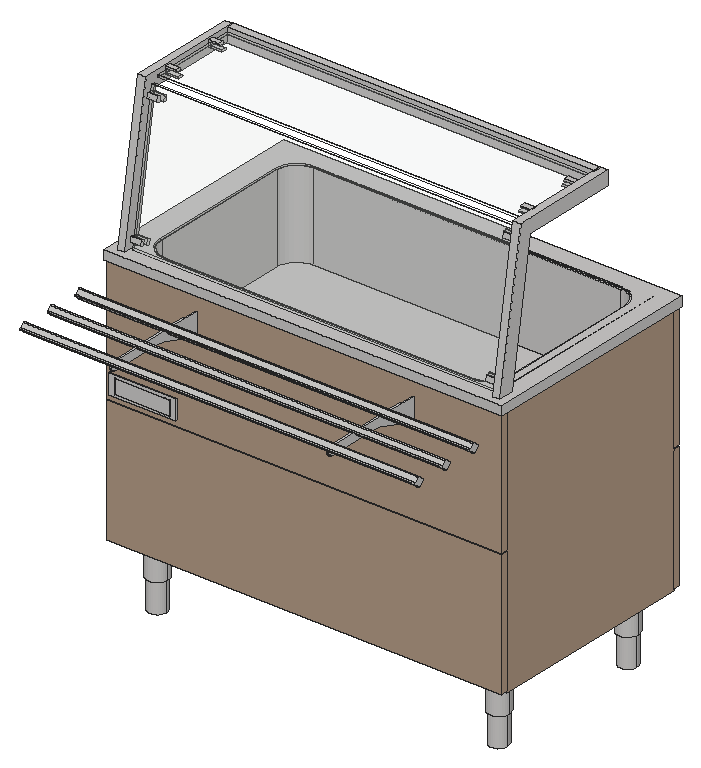
Revit family "QF_ELECTROLUXPROFESSIONAL_322091_F10C3AF01W", category Specialty Equipment, Revit 2018
Family settings
  Round Connector Dimension = Use Diameter
  Part Type = Normal
  Work Plane-Based = No
  Always vertical = Yes
  Cut with Voids When Loaded = No
  Shared = No
  Room Calculation Point = No
Parameters (values of type "Standard")
  Weight = 131.00 kg
  Watts = 0 W
  Volts = 220 V
  URL Manufacturer = "http://professional.electrolux.com"
  URL = "http://professional.electrolux.com"
  Steam Supply Size = 0 mm
  Steam Supply Minimum Pressure = 0.0 Pa
  Steam Supply Maximum Pressure = 0.0 Pa
  Steam Pounds per Hour = 0
  Show Clearance [instance] = yes
  Refrigeration Suction Line Size = 0 mm
  Refrigeration Liquid Line Size = 0 mm
  Refrigerant Compressor Remote = yes
  Manufacturer = "Electrolux Professional"
  Phase = 1
  Model = "F10C3AF01W"
  Length Actual = 1100 mm  # constant formula
  Item Number = "322091"
  Hot Water Size = 0 mm
  Height Actual = 1304 mm  # constant formula
  HP = "0 HP"
  Gas Size = 0 mm
  Gas KW = 0
  Gas Input Pressure = 0 W
  Direct Waste Size = 19.05 mm
  Description = "REFRIGERATED WELL, STATIC, 3GN H=900MM OVERSHELF W/LED LIGHTS"
  Depth Actual = 915 mm  # constant formula
  Cycle = 50 Hz
  Condensate Return Size = 0 mm
  Compressed Air Volume = 0.0 L/s
  Compressed Air Size = 0 mm
  Compressed Air Pressure = 0.0 Pa
  Cold Water Size = 0 mm
  Accessory = yes
Types (2, lengths in mm): name | URL | Manufacturer | Phase | Model | Description
  (no name) | 0 | 0 | 0 | 0 | 0
  Standard | "http://professional.electrolux.com" | "Electrolux Professional" | 1 | "F10C3AF01W" | "REFRIGERATED WELL, STATIC, 3GN H=900MM OVERSHELF W/LED LIGHTS"
Values of the unnamed type that differ from the named types
  Volts = 0 V
  URL Manufacturer = ""
  Item Number = ""
  Cycle = 0 Hz
Reference planes
  plane 1 "Centro (Fronte/Retro)": y = 74.737
  plane 2: z = 0
  plane 3 "BACK": y = 384.737
  plane 4 "FRONT": y = -235.263
  plane 5: z = 900
  plane 6 "RIGHT": x = 35.731
  plane 7 "LEFT": x = -1064.269
  plane 8: x = -514.269
  plane 9: y = 664.737
  plane 10: y = -530.02
  plane 11: z = 178
  plane 12: z = 1304
  plane 13: z = 1222
  plane 14: y = 297.737
  plane 15: y = -148.263
  plane 16: x = -986.269
  plane 17: x = -42.269
  plane 18: x = -1060.269
  plane 19: y = -231.263
  plane 20: x = 31.731
  plane 21: y = 380.737
  plane 22: z = 874
  plane 23: y = 362.737
  plane 24: y = -213.263
  plane 25: z = 182
  plane 26: z = 527
  plane 27: z = 531
  plane 28: x = -212.269
  plane 29: x = -816.269
  plane 30: x = -1042.394
  plane 31: x = 13.856
  plane 32: x = -6.144
  plane 33: x = -1022.394
  plane 34: x = -1014.269
  plane 35: x = -14.269
  plane 36: y = 130.237
  plane 37: y = 19.237
  plane 38: y = 33.237
  plane 39: y = 116.237
  plane 40: x = -952.269
  plane 41: x = -69.269
Forms (mm)
  Extrusion 1, solid, material "QF_Finishes_Wood"
    sketch origin (0, 0, 0) x (1, 0, 0) y (0, 1, 0)
      loop
        line (-1060.269, 362.737) -> (-1060.269, -213.263) -> (31.731, -213.263) -> (31.731, 362.737) -> (-1060.269, 362.737)
    from 178 to 874
  Extrusion 2, solid, material "QF_Finishes_Wood"
    sketch origin (31.731, 362.737, 0) x (0, -1, 0) y (0, 0, -1)
      loop
        line (576, -182) -> (576, -527) -> (594, -527) -> (594, -182) -> (576, -182)
      loop
        line (576, -531) -> (576, -874) -> (594, -874) -> (594, -531) -> (576, -531)
    from 0 to -1092
  Extrusion 3, solid, material "QF_Finishes_Wood"
    sketch origin (31.731, -213.263, 0) x (0, 1, 0) y (0, 0, 1)
      loop
        line (576, 531) -> (594, 531) -> (594, 874) -> (576, 874) -> (576, 531)
    from 0 to -1092
  Extrusion 4, solid, material "QF_Finishes_Stainless Steel"
    sketch origin (0, 0, 0) x (1, 0, 0) y (0, 1, 0)
      loop
        line (-1064.269, 384.737) -> (-1064.269, -235.263) -> (35.731, -235.263) -> (35.731, 384.737) -> (-1064.269, 384.737)
    from 874 to 900
  Extrusion 5, solid, material "QF_Finishes_Stainless Steel"
    sketch origin (-217.269, 362.737, 0) x (0, -1, 0) y (0, 0, -1)
      loop
        arc (628.84, -832.7) -> (632.082, -833.911) -> (635.519, -834.32) r 14.5
        line (635.519, -834.32) -> (675.715, -834.32) -> (689.858, -820.177) -> (704, -834.32) -> (770.715, -834.32) -> (784.858, -820.177) -> (799, -834.32) -> (865.716, -834.32) -> (879.858, -820.177) -> (887.686, -828.005) -> (887.686, -821.352)
        arc (887.686, -821.352) -> (887.303, -819.435) -> (886.214, -817.81) r 4.999
        line (886.214, -817.81) -> (881.179, -812.776)
        arc (881.179, -812.776) -> (879.559, -811.698) -> (877.651, -811.32) r 5
        line (877.651, -811.32) -> (732.206, -811.32)
        arc (732.206, -811.32) -> (708.662, -809.221) -> (685.86, -802.991) r 133.106
        line (685.86, -802.991) -> (638.285, -785.32) -> (597.679, -770.12) -> (594, -770.12) -> (594, -832.7) -> (628.84, -832.7)
    from 0 to 5
  Extrusion 6, void
    sketch origin (0, 0, 0) x (1, 0, 0) y (0, 1, 0)
      loop
        line (-999.269, 273.737) -> (-999.269, -124.263)
        arc (-999.269, -124.263) -> (-981.402, -167.396) -> (-938.269, -185.263) r 61
        line (-938.269, -185.263) -> (-90.269, -185.263)
        arc (-90.269, -185.263) -> (-47.135, -167.396) -> (-29.269, -124.263) r 61
        line (-29.269, -124.263) -> (-29.269, 273.737)
        arc (-29.269, 273.737) -> (-47.135, 316.871) -> (-90.269, 334.737) r 61
        line (-90.269, 334.737) -> (-938.269, 334.737)
        arc (-938.269, 334.737) -> (-981.402, 316.871) -> (-999.269, 273.737) r 61
    from 580.121 to 900
  Extrusion 7, solid, material "QF_Finishes_Wood"
    sketch origin (419.731, -213.263, -348) x (0, 1, 0) y (0, 0, 1)
      loop
        line (576, 530) -> (594, 530) -> (594, 875) -> (576, 875) -> (576, 530)
    from -388 to -658.044
  Extrusion 8, solid, material "QF_Finishes_Wood"
    sketch origin (-234.269, -213.263, -348) x (0, 1, 0) y (0, 0, 1)
      loop
        line (576, 530) -> (594, 530) -> (594, 875) -> (576, 875) -> (576, 530)
    from -548.963 to -826
  Extrusion 9, solid, material "QF_Door-Drawer Clearances", visible <- "Show Clearance"
    sketch origin (0, -4, 0) x (1, 0, 0) y (0, 1, 0)
      loop
        line (-783.232, 384.737) -> (-238.312, 384.737) -> (-710.987, 657.636)
        arc (-710.987, 657.636) -> (-765.12, 525.955) -> (-783.232, 384.737) r 544.001
    from 182 to 527
  Extrusion 10, solid, material "QF_Finishes_Stainless Steel"
    sketch origin (-816.269, 362.737, 0) x (0, -1, 0) y (0, 0, -1)
      loop
        arc (628.84, -832.7) -> (632.082, -833.911) -> (635.519, -834.32) r 14.5
        line (635.519, -834.32) -> (675.715, -834.32) -> (689.858, -820.177) -> (704, -834.32) -> (770.715, -834.32) -> (784.858, -820.177) -> (799, -834.32) -> (865.716, -834.32) -> (879.858, -820.177) -> (887.686, -828.005) -> (887.686, -821.352)
        arc (887.686, -821.352) -> (887.303, -819.435) -> (886.214, -817.81) r 4.999
        line (886.214, -817.81) -> (881.179, -812.776)
        arc (881.179, -812.776) -> (879.559, -811.698) -> (877.651, -811.32) r 5
        line (877.651, -811.32) -> (732.206, -811.32)
        arc (732.206, -811.32) -> (708.662, -809.221) -> (685.86, -802.991) r 133.106
        line (685.86, -802.991) -> (638.285, -785.32) -> (597.679, -770.12) -> (594, -770.12) -> (594, -832.7) -> (628.84, -832.7)
    from 0 to 5
  Extrusion 11, solid, material "QF_Finishes_Stainless Steel"
    sketch origin (31.731, 362.737, 0) x (0, -1, 0) y (0, 0, -1)
      loop
        line (881.983, -846.337) -> (891.875, -836.445)
        arc (891.875, -836.445) -> (892.757, -834.322) -> (891.879, -832.198) r 3
        line (891.879, -832.198) -> (881.979, -822.299)
        arc (881.979, -822.299) -> (879.858, -821.42) -> (877.737, -822.299) r 3
        line (877.737, -822.299) -> (867.837, -832.198)
        arc (867.837, -832.198) -> (866.958, -834.32) -> (867.837, -836.441) r 3
        line (867.837, -836.441) -> (877.737, -846.34)
        arc (877.737, -846.34) -> (879.86, -847.219) -> (881.983, -846.337) r 3
      loop
        line (786.979, -846.34) -> (796.879, -836.441)
        arc (796.879, -836.441) -> (797.757, -834.32) -> (796.879, -832.198) r 3
        line (796.879, -832.198) -> (786.979, -822.299)
        arc (786.979, -822.299) -> (784.858, -821.42) -> (782.737, -822.299) r 3
        line (782.737, -822.299) -> (772.837, -832.198)
        arc (772.837, -832.198) -> (771.958, -834.317) -> (772.833, -836.437) r 3
        line (772.833, -836.437) -> (782.741, -846.345)
        arc (782.741, -846.345) -> (784.861, -847.219) -> (786.979, -846.34) r 3
      loop
        line (691.976, -846.343) -> (701.882, -836.438)
        arc (701.882, -836.438) -> (702.757, -834.318) -> (701.879, -832.198) r 3
        line (701.879, -832.198) -> (691.979, -822.299)
        arc (691.979, -822.299) -> (689.858, -821.42) -> (687.737, -822.299) r 3
        line (687.737, -822.299) -> (677.837, -832.198)
        arc (677.837, -832.198) -> (676.958, -834.32) -> (677.837, -836.441) r 3
        line (677.837, -836.441) -> (687.737, -846.34)
        arc (687.737, -846.34) -> (689.856, -847.219) -> (691.976, -846.343) r 3
    from 0 to -1092
  Extrusion 12, solid, material "QF_Finishes_Stainless Steel"
    sketch origin (31.731, 362.737, 0) x (0, -1, 0) y (0, 0, -1)
      loop
        line (206.477, -1264.379) -> (206.477, -1304) -> (507.108, -1304) -> (578.344, -900) -> (537.727, -900) -> (473.477, -1264.379) -> (206.477, -1264.379)
    from -17.875 to -37.875
  Extrusion 13, solid, material "QF_Finishes_Stainless Steel"
    sketch origin (-895.269, 362.737, 0) x (0, -1, 0) y (0, 0, 1)
      loop
        line (206.477, 1264.379) -> (473.477, 1264.379) -> (537.727, 900) -> (578.344, 900) -> (507.108, 1304) -> (206.477, 1304) -> (206.477, 1264.379)
    from 147.125 to 127.125
  Extrusion 14, solid, material "QF_Finishes_Glass"
    sketch origin (-133.269, -231.263, 531) x (0, 0, 1) y (-1, 0, 0)
      loop
        line (757.879, -119) -> (765.879, -119) -> (765.879, 881) -> (757.879, 881) -> (757.879, -119)
    from -361.5 to -120.204
  Extrusion 15, solid, material "QF_Finishes_Stainless Steel"
    sketch origin (0, 0, 0) x (1, 0, 0) y (0, 1, 0)
      loop
        line (-1022.394, 156.26) -> (-1022.394, 136.26) -> (-6.144, 136.26) -> (-6.144, 156.26) -> (-1022.394, 156.26)
    from 1264.379 to 1304
  Extrusion 16, solid, material "QF_Finishes_Glass"
    sketch origin (-133.269, 362.737, 0) x (0, -1, 0) y (0, 0, -1)
      loop
        line (494.569, -1282.974) -> (562.097, -900) -> (553.974, -900) -> (486.445, -1282.974) -> (494.569, -1282.974)
    from 119 to -881
  Extrusion 17, solid, material "QF_Finishes_Wood"
    sketch origin (314.688, -213.263, -348) x (0, 1, 0) y (0, 0, 1)
      loop
        line (576, 530) -> (594, 530) -> (594, 875) -> (576, 875) -> (576, 530)
    from -553 to -1097.92
  Extrusion 18, solid, material "QF_Finishes_Stainless Steel"
    sketch origin (-283.269, -64.263, 531) x (0, 0, 1) y (-1, 0, 0)
      loop
        line (765.879, 706.5) -> (770.879, 708.5) -> (770.879, 739.125) -> (750.879, 739.125) -> (750.879, 731) -> (751.974, 731) -> (751.974, 700.938) -> (755.879, 702.5) -> (755.879, 732) -> (765.879, 732) -> (765.879, 706.5)
    from 0 to 14
  Extrusion 19, solid, material "QF_Finishes_Stainless Steel"
    sketch origin (-283.269, 85.737, 531) x (0, 0, 1) y (-1, 0, 0)
      loop
        line (765.879, 706.5) -> (770.879, 708.5) -> (770.879, 739.125) -> (750.879, 739.125) -> (750.879, 731) -> (751.974, 731) -> (751.974, 700.938) -> (755.879, 702.5) -> (755.879, 732) -> (765.879, 732) -> (765.879, 706.5)
    from 0 to 14
  Extrusion 20, solid, material "QF_Finishes_Stainless Steel"
    sketch origin (-745.269, -64.263, 531) x (0, 0, 1) y (-1, 0, 0)
      loop
        line (765.879, -706.5) -> (765.879, -732) -> (755.879, -732) -> (755.879, -702.5) -> (751.974, -700.938) -> (751.974, -731) -> (750.879, -731) -> (750.879, -739.125) -> (770.879, -739.125) -> (770.879, -708.5) -> (765.879, -706.5)
    from 0 to 14
  Extrusion 21, solid, material "QF_Finishes_Stainless Steel"
    sketch origin (-745.269, 85.737, 531) x (0, 0, 1) y (-1, 0, 0)
      loop
        line (765.879, -706.5) -> (765.879, -732) -> (755.879, -732) -> (755.879, -702.5) -> (751.974, -700.938) -> (751.974, -731) -> (750.879, -731) -> (750.879, -739.125) -> (770.879, -739.125) -> (770.879, -708.5) -> (765.879, -706.5)
    from 0 to 14
  Extrusion 22, solid, material "QF_Finishes_Stainless Steel"
    sketch origin (-745.269, 619.458, 1129.907) x (0, -0.984808, 0.173648) y (-1, 0, 0)
      loop
        line (765.879, -706.5) -> (765.879, -732) -> (755.879, -732) -> (755.879, -702.5) -> (751.974, -700.938) -> (751.974, -731) -> (750.879, -731) -> (750.879, -739.125) -> (770.879, -739.125) -> (770.879, -708.5) -> (765.879, -706.5)
    from 0 to 14
  Extrusion 23, solid, material "QF_Finishes_Stainless Steel"
    sketch origin (-283.269, 619.458, 1129.907) x (0, -0.984808, 0.173648) y (-1, 0, 0)
      loop
        line (765.879, 706.5) -> (770.879, 708.5) -> (770.879, 739.125) -> (750.879, 739.125) -> (750.879, 731) -> (751.974, 731) -> (751.974, 700.938) -> (755.879, 702.5) -> (755.879, 732) -> (765.879, 732) -> (765.879, 706.5)
    from 0 to 14
  Extrusion 24, solid, material "QF_Finishes_Stainless Steel"
    sketch origin (-745.269, 562.154, 799.389) x (0, -0.984808, 0.173648) y (-1, 0, 0)
      loop
        line (765.879, -706.5) -> (765.879, -732) -> (755.879, -732) -> (755.879, -702.5) -> (751.974, -700.938) -> (751.974, -731) -> (750.879, -731) -> (750.879, -739.125) -> (770.879, -739.125) -> (770.879, -708.5) -> (765.879, -706.5)
    from 0 to 14
  Extrusion 25, solid, material "QF_Finishes_Stainless Steel"
    sketch origin (-283.269, 562.154, 799.389) x (0, -0.984808, 0.173648) y (-1, 0, 0)
      loop
        line (765.879, 706.5) -> (770.879, 708.5) -> (770.879, 739.125) -> (750.879, 739.125) -> (750.879, 731) -> (751.974, 731) -> (751.974, 700.938) -> (755.879, 702.5) -> (755.879, 732) -> (765.879, 732) -> (765.879, 706.5)
    from 0 to 14
  Extrusion 26, solid, material "QF_Finishes_Stainless Steel"
    sketch origin (-1193.537, 0, 0) x (-1, 0, 0) y (0, -1, 0)
      loop
        circle (-196.269, -124.737) r 10
    from 178 to 166
  Extrusion 27, solid, material "QF_Finishes_Stainless Steel"
    sketch origin (-1193.537, 149.474, 0) x (-1, 0, 0) y (0, -1, 0)
      loop
        circle (-196.269, 124.737) r 10
    from 178 to 166
Cuts and joins
  Extrusion 6 cuts Extrusion 1
  Extrusion 6 cuts Extrusion 4
Lines and regions (mm)
  symbolic lines
    curve 1: line (35.731, 384.737, 0) -> (35.731, -235.263, 0)
    curve 2: line (-1064.269, -235.263, 0) -> (-1064.269, 384.737, 0)
    curve 3: line (-1064.269, 384.737, 0) -> (35.731, 384.737, 0)
    curve 4: line (-1064.269, -235.263, 0) -> (35.731, -235.263, 0)
    curve 5: line (-14.269, -64.263, 0) -> (-14.269, 71.737, 0)
    curve 6: line (-1014.269, 71.737, 0) -> (-1014.269, -64.263, 0)
    curve 7: line (-1042.394, 156.26, 0) -> (13.856, 156.26, 0)
    curve 8: line (13.856, 156.26, 0) -> (13.856, -215.607, 0)
    curve 9: line (13.856, -215.607, 0) -> (-6.144, -215.607, 0)
    curve 10: line (-6.144, -215.607, 0) -> (-6.144, 156.26, 0)
    curve 11: line (-6.144, 136.26, 0) -> (-1022.394, 136.26, 0)
    curve 12: line (-1022.394, 156.26, 0) -> (-1022.394, -215.607, 0)
    curve 13: line (-1022.394, -215.607, 0) -> (-1042.394, -215.607, 0)
    curve 14: line (-1042.394, -215.607, 0) -> (-1042.394, 156.26, 0)
    curve 15: line (-1042.394, -144.371, 0) -> (-1022.394, -144.371, 0)
    curve 16: line (-6.144, -144.371, 0) -> (13.856, -144.371, 0)
    curve 17: line (-1014.269, 130.237, 0) -> (-1014.269, 85.737, 0)
    curve 18: line (-1014.269, 130.237, 0) -> (-14.269, 130.237, 0)
    curve 19: line (-14.269, 130.237, 0) -> (-14.269, 85.737, 0)
    curve 20: line (-14.269, -78.263, 0) -> (-14.269, -111.059, 0)
    curve 21: line (-6.144, 85.737, 0) -> (-44.331, 85.737, 0)
    curve 22: line (-44.331, 85.737, 0) -> (-44.331, 71.737, 0)
    curve 23: line (-44.331, 71.737, 0) -> (-6.144, 71.737, 0)
    curve 24: line (-6.144, -64.263, 0) -> (-44.331, -64.263, 0)
    curve 25: line (-44.331, -64.263, 0) -> (-44.331, -78.263, 0)
    curve 26: line (-44.331, -78.263, 0) -> (-6.144, -78.263, 0)
    curve 27: line (-1022.394, -64.263, 0) -> (-989.769, -64.263, 0)
    curve 28: line (-989.769, -64.263, 0) -> (-989.769, -78.263, 0)
    curve 29: line (-989.769, -78.263, 0) -> (-1022.394, -78.263, 0)
    curve 30: line (-1022.394, 85.737, 0) -> (-989.769, 85.737, 0)
    curve 31: line (-989.769, 85.737, 0) -> (-989.769, 71.737, 0)
    curve 32: line (-989.769, 71.737, 0) -> (-1022.394, 71.737, 0)
    curve 33: line (-1022.394, -142.14, 0) -> (-991.769, -142.14, 0)
    curve 34: line (-991.769, -142.14, 0) -> (-991.769, -139.709, 0)
    curve 35: line (-991.769, -139.709, 0) -> (-1022.394, -139.709, 0)
    curve 36: line (-991.769, -142.14, 0) -> (-989.769, -137.216, 0)
    curve 37: line (-1015.269, -134.785, 0) -> (-989.769, -134.785, 0)
    curve 38: line (-1015.269, -134.785, 0) -> (-1015.269, -124.937, 0)
    curve 39: line (-1015.269, -124.937, 0) -> (-1014.269, -124.937, 0)
    curve 40: line (-1015.269, -127.368, 0) -> (-1014.269, -127.368, 0)
    curve 41: line (-1022.394, -120.013, 0) -> (-1014.269, -120.013, 0)
    curve 42: line (-1014.269, -120.013, 0) -> (-1014.269, -121.091, 0)
    curve 43: line (-984.207, -121.091, 0) -> (-984.207, -123.708, 0)
    curve 44: line (-984.207, -121.091, 0) -> (-985.269, -123.708, 0)
    curve 45: line (-991.769, -139.709, 0) -> (-989.769, -134.785, 0)
    curve 46: line (-989.769, -134.785, 0) -> (-989.769, -137.216, 0)
    curve 47: line (-1014.269, -123.708, 0) -> (-1014.269, -134.785, 0)
    curve 48: line (-14.269, -131.831, 0) -> (-14.269, -123.708, 0)
    curve 49: line (-14.269, -123.708, 0) -> (-1014.269, -123.708, 0)
    curve 50: line (-6.144, -142.14, 0) -> (-36.769, -142.14, 0)
    curve 51: line (-36.769, -142.14, 0) -> (-36.769, -139.709, 0)
    curve 52: line (-36.769, -139.709, 0) -> (-6.144, -139.709, 0)
    curve 53: line (-36.769, -142.14, 0) -> (-38.769, -137.216, 0)
    curve 54: line (-13.269, -134.785, 0) -> (-38.769, -134.785, 0)
    curve 55: line (-13.269, -134.785, 0) -> (-13.269, -124.937, 0)
    curve 56: line (-13.269, -124.937, 0) -> (-14.269, -124.937, 0)
    curve 57: line (-13.269, -127.368, 0) -> (-14.269, -127.368, 0)
    curve 58: line (-6.144, -120.013, 0) -> (-14.269, -120.013, 0)
    curve 59: line (-14.269, -120.013, 0) -> (-14.269, -121.091, 0)
    curve 60: line (-44.331, -121.091, 0) -> (-44.331, -123.708, 0)
    curve 61: line (-44.331, -121.091, 0) -> (-43.268, -123.708, 0)
    curve 62: line (-36.769, -139.709, 0) -> (-38.769, -134.785, 0)
    curve 63: line (-38.769, -134.785, 0) -> (-38.769, -137.216, 0)
    curve 64: line (-14.269, -123.708, 0) -> (-14.269, -134.785, 0)
    curve 65: line (-1014.269, -142.14, 0) -> (-1014.269, -192.089, 0)
    curve 66: line (-1014.269, -177.317, 0) -> (-1022.394, -177.317, 0)
    curve 67: line (-1014.269, -182.241, 0) -> (-1015.269, -182.241, 0)
    curve 68: line (-1015.269, -184.672, 0) -> (-1014.269, -184.672, 0)
    curve 69: line (-1015.269, -182.241, 0) -> (-1015.269, -192.089, 0)
    curve 70: line (-1015.269, -192.089, 0) -> (-989.779, -192.089, 0)
    curve 71: line (-991.769, -197.013, 0) -> (-989.779, -192.089, 0)
    curve 72: line (-989.779, -192.089, 0) -> (-989.779, -194.52, 0)
    curve 73: line (-991.769, -199.444, 0) -> (-989.779, -194.52, 0)
    curve 74: line (-991.769, -197.013, 0) -> (-991.769, -199.444, 0)
    curve 75: line (-1022.394, -199.444, 0) -> (-991.769, -199.444, 0)
    curve 76: line (-991.769, -197.013, 0) -> (-1022.394, -197.013, 0)
    curve 77: line (-14.269, -177.317, 0) -> (-6.144, -177.317, 0)
    curve 78: line (-14.269, -182.241, 0) -> (-13.269, -182.241, 0)
    curve 79: line (-13.269, -184.672, 0) -> (-14.269, -184.672, 0)
    curve 80: line (-13.269, -182.241, 0) -> (-13.269, -192.089, 0)
    curve 81: line (-13.269, -192.089, 0) -> (-38.758, -192.089, 0)
    curve 82: line (-36.769, -197.013, 0) -> (-38.758, -192.089, 0)
    curve 83: line (-38.758, -192.089, 0) -> (-38.758, -194.52, 0)
    curve 84: line (-36.769, -199.444, 0) -> (-38.758, -194.52, 0)
    curve 85: line (-36.769, -197.013, 0) -> (-36.769, -199.444, 0)
    curve 86: line (-6.144, -199.444, 0) -> (-36.769, -199.444, 0)
    curve 87: line (-36.769, -197.013, 0) -> (-6.144, -197.013, 0)
    curve 88: line (-991.735, -199.36, 0) -> (-36.803, -199.36, 0)
    curve 89: line (-1014.269, -78.263, 0) -> (-1014.269, -111.059, 0)
    curve 90: line (-1014.269, -111.059, 0) -> (-14.269, -111.059, 0)
    curve 91: line (-1014.269, -131.831, 0) -> (-14.269, -131.831, 0)
    curve 92: line (-14.269, -142.14, 0) -> (-14.269, -192.089, 0)
    curve 93: line (-44.331, -121.091, 0) -> (-14.269, -121.091, 0)
    curve 94: line (-1014.269, -121.091, 0) -> (-984.207, -121.091, 0)
    curve 95: line (-994.269, 136.26, 0) -> (-994.269, 130.237, 0)
    curve 96: line (-999.269, 136.26, 0) -> (-999.269, 130.237, 0)
    curve 97: line (-34.269, 136.26, 0) -> (-34.269, 130.237, 0)
    curve 98: line (-29.269, 136.26, 0) -> (-29.269, 130.237, 0)
    curve 102: line (-1064.269, -235.263, 0) -> (-1064.269, -530.02, 0)
    curve 103: line (-1064.269, -530.02, 0) -> (35.731, -530.02, 0)
    curve 104: line (35.731, -530.02, 0) -> (35.731, -235.263, 0)
  symbolic lines, style "QF_Door-Drawer Clearances"
    curve 99: line (-245.24, 384.737, 0) -> (-710.987, 653.636, 0)
    curve 100: arc (-710.987, 653.636, 0) -> (-764.605, 523.887, 0) -> (-783.232, 384.737, 0) r 544.001
    curve 101: line (-285.24, 384.737, 0) -> (-720.987, 636.316, 0)
  symbolic lines, style "SpecialityEquipmentHiddenLines"
    curve 105: arc (-938.269, 329.737, 0) -> (-977.867, 313.335, 0) -> (-994.269, 273.737, 0) r 56
    curve 106: line (-994.269, 273.737, 0) -> (-994.269, -124.263, 0)
    curve 107: arc (-994.269, -124.263, 0) -> (-977.867, -163.861, 0) -> (-938.269, -180.263, 0) r 56
    curve 108: line (-938.269, -180.263, 0) -> (-90.269, -180.263, 0)
    curve 109: arc (-90.269, -180.263, 0) -> (-50.671, -163.861, 0) -> (-34.269, -124.263, 0) r 56
    curve 110: line (-34.269, -124.263, 0) -> (-34.269, 273.737, 0)
    curve 111: arc (-34.269, 273.737, 0) -> (-50.671, 313.335, 0) -> (-90.269, 329.737, 0) r 56
    curve 112: line (-90.269, 329.737, 0) -> (-938.269, 329.737, 0)
    curve 113: line (-674.269, 329.737, 0) -> (-674.269, -180.263, 0)
    curve 114: line (-354.269, 329.737, 0) -> (-354.269, -180.263, 0)
Dimensions and locks
  plane 7 "LEFT" to plane 6 "RIGHT" = 1100 mm
  equal spacing: plane 3 "BACK", plane 1 "Centro (Fronte/Retro)", plane 4 "FRONT"
  plane 3 "BACK" to plane 4 "FRONT" = 620 mm
  equal spacing: plane 7 "LEFT", plane 8, plane 6 "RIGHT"
  locked: plane 9 to plane 3 "BACK" at 280
  locked: plane 4 "FRONT" to plane 10 at 294.757
  locked: plane 11 to plane 2 at 178
  locked: plane 5 to plane 2 at 900
  locked: plane 12 to plane 2 at 1304
  locked: plane 13 to plane 2 at 1222
  locked: plane 3 "BACK" to plane 14 at 87
  locked: plane 7 "LEFT" to plane 16 at 78
  locked: plane 17 to plane 6 "RIGHT" at 78
  locked: plane 15 to plane 4 "FRONT" at 87
  locked: plane 3 "BACK" to plane 21 at 4
  locked: plane 7 "LEFT" to plane 18 at 4
  locked: plane 20 to plane 6 "RIGHT" at 4
  locked: plane 19 to plane 4 "FRONT" at 4
  locked: plane 5 to plane 22 at 26
  locked: plane 24 to plane 19 at 18
  locked: plane 21 to plane 23 at 18
  plane 20 to plane 28 = 244 mm
  plane 29 to plane 18 = 244 mm
  equal spacing: plane 30, plane 8, plane 31
  plane 30 to plane 31 = 1056.25 mm
  locked: plane 30 to plane 33 at 20
  locked: plane 32 to plane 31 at 20
  equal spacing: plane 34, plane 8, plane 35
  plane 34 to plane 35 = 1000 mm
  equal spacing: plane 36, plane 1 "Centro (Fronte/Retro)", plane 37
  plane 36 to plane 37 = 111 mm
  locked: plane 36 to plane 39 at 14
  locked: plane 38 to plane 37 at 14
  locked: plane 41 to plane 6 "RIGHT" at 105
  locked: plane 7 "LEFT" to plane 40 at 112
  plane 16 to plane 7 "LEFT" = 78 mm
  plane 6 "RIGHT" to plane 17 = 78 mm
  plane 7 "LEFT" to Extrusion 4 = 1100 mm
  angle Extrusion 9 sketch curve to Extrusion 17 = 30.00°
  aligned and locked: level to plane 2
  aligned and locked: Extrusion 1 sketch curve to plane 23
  aligned and locked: plane 18 to Extrusion 1 sketch curve
  aligned and locked: plane 24 to Extrusion 1 sketch curve
  aligned and locked: Extrusion 1 sketch curve to plane 20
  aligned and locked: plane 22 to Extrusion 1
  aligned and locked: Extrusion 1 to plane 11
  aligned and locked: plane 25 to Extrusion 2 sketch curve
  aligned and locked: Extrusion 2 sketch curve to plane 24  (x2)
  aligned and locked: Extrusion 2 sketch curve to plane 26
  aligned and locked: plane 19 to Extrusion 2 sketch curve  (x2)
  aligned and locked: plane 27 to Extrusion 2 sketch curve
  aligned and locked: Extrusion 2 sketch curve to plane 22
  aligned and locked: Extrusion 2 to plane 18
  aligned and locked: Extrusion 3 to plane 18
  aligned and locked: Extrusion 4 sketch curve to plane 3 "BACK"
  aligned and locked: plane 7 "LEFT" to Extrusion 4 sketch curve
  aligned and locked: plane 4 "FRONT" to Extrusion 4 sketch curve
  aligned and locked: Extrusion 4 sketch curve to plane 6 "RIGHT"
  aligned and locked: Extrusion 4 to plane 22
  aligned and locked: plane 20 to Extrusion 7
  aligned and locked: Extrusion 8 to plane 18
  aligned and locked: plane 26 to Extrusion 9
  aligned and locked: Extrusion 7 to plane 25
  aligned and locked: Extrusion 8 to plane 25
  aligned and locked: plane 16 to nested 1
  aligned and locked: plane 17 to nested 2
  aligned and locked: nested 2 to plane 15
  aligned and locked: nested 1 to plane 15
  aligned and locked: nested 3 to plane 14
  aligned and locked: plane 16 to nested 4
  aligned and locked: plane 20 to Extrusion 11
  aligned and locked: Extrusion 11 to plane 18
  aligned and locked: nested 4 to plane 14
  aligned and locked: Extrusion 12 to plane 31
  aligned and locked: Extrusion 12 to plane 32
  aligned and locked: plane 33 to Extrusion 13
  aligned and locked: Extrusion 13 to plane 30
  aligned and locked: Extrusion 15 sketch curve to plane 32
  aligned and locked: plane 33 to Extrusion 15 sketch curve
  aligned and locked: Extrusion 15 to Extrusion 12
  aligned and locked: Extrusion 16 to plane 34
  aligned and locked: plane 35 to Extrusion 16
  aligned and locked: Extrusion 14 sketch curve to plane 35
  aligned and locked: plane 34 to Extrusion 14 sketch curve
  aligned and locked: plane 17 to nested 3
Automatic sketch dimensions
  Extrusion 6 sketch curve to plane 40 = 14 mm  (x2)
  plane 41 to Extrusion 6 sketch curve = 21 mm  (x2)
  plane 17 to Extrusion 6 sketch curve = 13 mm
  plane 24 to Extrusion 6 sketch curve = 28 mm
  plane 15 to Extrusion 6 sketch curve = 24 mm
  Extrusion 6 sketch curve to plane 14 = 24 mm  (x2)
  Extrusion 6 sketch curve to Extrusion 6 sketch curve = 0 mm  (x3)
  Extrusion 13 sketch curve to plane 12 = 0 mm
  Extrusion 13 sketch curve to plane 5 = 0 mm
  plane 36 to Extrusion 13 sketch curve = 26.023 mm
  plane 15 to Extrusion 13 sketch curve = 37.523 mm
  plane 15 to Extrusion 13 sketch curve = 3.892 mm
  Extrusion 13 sketch curve to plane 15 = 26.727 mm
  Extrusion 13 sketch curve to plane 24 = 2.344 mm
  Extrusion 13 sketch curve to plane 12 = 39.621 mm
  Extrusion 14 sketch curve to plane 12 = 15.121 mm
  Extrusion 14 sketch curve to plane 12 = 7.121 mm
  plane 36 to Extrusion 15 sketch curve = 6.023 mm
  Extrusion 15 sketch curve to Extrusion 15 sketch curve = 20 mm
  Extrusion 16 sketch curve to plane 5 = 0 mm
  plane 15 to Extrusion 16 sketch curve = 24.555 mm
  Extrusion 16 sketch curve to Extrusion 16 sketch curve = 8.123 mm  (x2)
  plane 24 to Extrusion 16 sketch curve = 22.026 mm
  Extrusion 16 sketch curve to plane 12 = 21.026 mm
  plane 16 to Extrusion 26 sketch curve = 11 mm
  plane 36 to Extrusion 26 sketch curve = 5.5 mm
  Extrusion 27 sketch curve to plane 16 = 11 mm
  plane 37 to Extrusion 27 sketch curve = 5.5 mm
  curve 102 to plane 4 "FRONT" = 0 mm
  curve 102 to plane 7 "LEFT" = 0 mm
  curve 14 to plane 30 = 0 mm
  curve 75 to plane 33 = 0 mm
  curve 65 to plane 34 = 0 mm
  curve 6 to plane 34 = 0 mm
  curve 18 to plane 34 = 0 mm
  curve 39 to plane 34 = 0 mm
  curve 89 to plane 34 = 0 mm
  curve 96 to plane 36 = 0 mm
  curve 100 to plane 3 "BACK" = 0 mm
  curve 18 to plane 35 = 0 mm
  curve 20 to plane 35 = 0 mm
  curve 78 to plane 35 = 0 mm
  curve 48 to plane 35 = 0 mm
  curve 5 to plane 35 = 0 mm
  curve 10 to plane 32 = 0 mm
  curve 16 to plane 31 = 0 mm
  curve 104 to plane 6 "RIGHT" = 0 mm
  curve 103 to plane 10 = 0 mm
  curve 69 to plane 34 = 1 mm
  curve 39 to plane 34 = 1 mm
  curve 42 to plane 34 = 0 mm
  curve 106 to plane 16 = 8 mm
  curve 35 to plane 16 = 5.5 mm
  curve 75 to plane 16 = 5.5 mm
  curve 71 to curve 72 = 1.989 mm
  curve 34 to curve 36 = 2 mm
  curve 28 to plane 16 = 3.5 mm
  curve 30 to plane 16 = 3.5 mm
  plane 16 to curve 43 = 2.062 mm
  curve 108 to plane 40 = 14 mm
  curve 112 to plane 40 = 14 mm
  curve 99 to plane 9 = 11.101 mm
  plane 29 to curve 99 = 105.281 mm
  curve 100 to plane 3 "BACK" = 2 mm
  curve 100 to plane 28 = 26.966 mm
  plane 41 to curve 112 = 21 mm
  plane 41 to curve 109 = 21 mm
  curve 22 to plane 17 = 2.062 mm
  curve 24 to plane 17 = 2.062 mm
  curve 60 to plane 17 = 2.062 mm
  plane 17 to curve 63 = 3.5 mm
  plane 17 to curve 83 = 3.511 mm
  curve 53 to curve 51 = 2 mm
  curve 83 to curve 85 = 1.989 mm
  plane 17 to curve 110 = 8 mm
  plane 35 to curve 58 = 0 mm
  plane 35 to curve 54 = 1 mm
  curve 92 to curve 81 = 1 mm
  curve 13 to plane 24 = 2.344 mm
  curve 10 to plane 24 = 2.344 mm
  plane 24 to curve 74 = 13.819 mm
  plane 24 to curve 84 = 13.819 mm
  curve 73 to curve 71 = 2.431 mm
  curve 84 to curve 82 = 2.431 mm
  curve 71 to curve 73 = 2.493 mm
  curve 82 to curve 84 = 2.493 mm
  curve 76 to curve 69 = 4.924 mm
  curve 83 to curve 81 = 2.431 mm
  curve 80 to curve 78 = 9.848 mm
  curve 69 to curve 67 = 9.848 mm
  curve 108 to plane 15 = 32 mm
  plane 15 to curve 33 = 6.122 mm
  plane 15 to curve 51 = 6.122 mm
  curve 33 to curve 45 = 2.431 mm
  curve 50 to curve 52 = 2.431 mm
  curve 34 to curve 36 = 2.493 mm
  curve 51 to curve 53 = 2.493 mm
  curve 36 to curve 45 = 2.431 mm
  curve 53 to curve 63 = 2.431 mm
  curve 64 to curve 91 = 2.954 mm
  curve 91 to curve 38 = 6.894 mm
  curve 48 to curve 55 = 6.894 mm
  curve 39 to curve 49 = 1.229 mm
  curve 43 to curve 43 = 2.617 mm
  curve 60 to curve 93 = 2.617 mm
  curve 59 to curve 58 = 1.078 mm
  curve 42 to curve 41 = 1.078 mm
  curve 41 to curve 89 = 8.954 mm
  curve 60 to curve 25 = 42.828 mm
  curve 89 to curve 29 = 32.796 mm
  curve 28 to curve 27 = 14 mm
  curve 25 to curve 25 = 14 mm
  plane 1 "Centro (Fronte/Retro)" to curve 31 = 3 mm
  plane 1 "Centro (Fronte/Retro)" to curve 23 = 3 mm
  curve 21 to plane 1 "Centro (Fronte/Retro)" = 11 mm
  curve 31 to plane 1 "Centro (Fronte/Retro)" = 11 mm
  plane 36 to curve 14 = 26.023 mm
  curve 106 to plane 14 = 24 mm
  plane 36 to curve 96 = 6.023 mm
  curve 96 to plane 16 = 13 mm
  curve 96 to curve 95 = 5 mm
  curve 73 to curve 88 = 0.034 mm
  plane 16 to curve 44 = 0.999 mm
  curve 101 to plane 9 = 28.421 mm
  curve 101 to curve 99 = 10 mm
  plane 29 to curve 113 = 142 mm
  curve 114 to plane 28 = 142 mm
  curve 101 to curve 100 = 46.005 mm
  curve 99 to curve 100 = 6.005 mm
  curve 61 to plane 17 = 0.999 mm
  plane 17 to curve 97 = 8 mm
  curve 97 to curve 98 = 5 mm
  curve 79 to curve 78 = 2.431 mm
  curve 68 to curve 67 = 2.431 mm
  curve 67 to curve 66 = 4.924 mm
  curve 78 to curve 77 = 4.924 mm
  plane 15 to curve 16 = 3.892 mm
  curve 15 to curve 33 = 2.23 mm
  curve 40 to curve 39 = 2.431 mm
  curve 57 to curve 56 = 2.431 mm
  Extrusion 1 to Extrusion 3 sketch curve = 0 mm
  Extrusion 3 sketch curve to Extrusion 1 = 0 mm
  Extrusion 3 sketch curve to Extrusion 3 sketch curve = 18 mm
  Extrusion 3 sketch curve to Extrusion 3 sketch curve = 343 mm
  Extrusion 5 sketch curve to plane 19 = 0 mm
  plane 4 "FRONT" to Extrusion 5 sketch curve = 0.321 mm
  Extrusion 5 sketch curve to plane 4 "FRONT" = 30.84 mm
  Extrusion 5 sketch curve to Extrusion 5 sketch curve = 6.66 mm
  Extrusion 5 sketch curve to Extrusion 5 sketch curve = 6.678 mm
  Extrusion 5 sketch curve to Extrusion 5 sketch curve = 2.785 mm
  Extrusion 5 sketch curve to Extrusion 5 sketch curve = 40.197 mm
  Extrusion 5 sketch curve to Extrusion 5 sketch curve = 10.145 mm
  Extrusion 5 sketch curve to Extrusion 5 sketch curve = 3.998 mm
  Extrusion 5 sketch curve to plane 22 = 39.68 mm  (x3)
  Extrusion 5 sketch curve to Extrusion 5 sketch curve = 14.142 mm  (x3)
  Extrusion 5 sketch curve to Extrusion 5 sketch curve = 28.206 mm
  Extrusion 5 sketch curve to Extrusion 5 sketch curve = 38.51 mm
  Extrusion 5 sketch curve to Extrusion 5 sketch curve = 14.143 mm
  plane 10 to Extrusion 5 sketch curve = 27.042 mm
  plane 10 to Extrusion 5 sketch curve = 15.107 mm
  Extrusion 5 sketch curve to Extrusion 5 sketch curve = 2.207 mm
  Extrusion 5 sketch curve to Extrusion 5 sketch curve = 3.528 mm  (x2)
  Extrusion 5 sketch curve to Extrusion 5 sketch curve = 2.829 mm
  plane 10 to Extrusion 5 sketch curve = 5.072 mm
  Extrusion 5 sketch curve to Extrusion 5 sketch curve = 1.62 mm
  Extrusion 5 sketch curve to Extrusion 5 sketch curve = 6.314 mm
  Extrusion 5 sketch curve to Extrusion 5 sketch curve = 6.653 mm
  Extrusion 5 sketch curve to Extrusion 5 sketch curve = 1.175 mm
  Extrusion 5 sketch curve to Extrusion 5 sketch curve = 3.858 mm
  Extrusion 5 sketch curve to Extrusion 5 sketch curve = 3.543 mm
  Extrusion 5 sketch curve to Extrusion 5 sketch curve = 23 mm
  Extrusion 5 sketch curve to Extrusion 5 sketch curve = 17.187 mm
  Extrusion 5 sketch curve to Extrusion 5 sketch curve = 34.499 mm
  Extrusion 5 sketch curve to Extrusion 5 sketch curve = 15.2 mm
  Extrusion 5 sketch curve to Extrusion 5 sketch curve = 0 mm
  Extrusion 7 sketch curve to plane 23 = 0 mm
  Extrusion 7 sketch curve to plane 21 = 0 mm
  Extrusion 7 sketch curve to plane 25 = 0 mm
  Extrusion 7 sketch curve to plane 26 = 0 mm
  Extrusion 8 sketch curve to plane 23 = 0 mm
  Extrusion 8 sketch curve to plane 21 = 0 mm
  Extrusion 8 sketch curve to plane 25 = 0 mm
  Extrusion 8 sketch curve to plane 26 = 0 mm
  Extrusion 9 sketch curve to plane 21 = 0 mm
  plane 29 to Extrusion 9 sketch curve = 33.037 mm
  Extrusion 9 sketch curve to plane 9 = 11.101 mm
  Extrusion 9 sketch curve to plane 8 = 196.719 mm
  Extrusion 9 sketch curve to plane 3 "BACK" = 2 mm
  Extrusion 10 sketch curve to plane 19 = 0 mm
  plane 4 "FRONT" to Extrusion 10 sketch curve = 0.321 mm
  Extrusion 10 sketch curve to plane 4 "FRONT" = 30.84 mm
  Extrusion 10 sketch curve to Extrusion 10 sketch curve = 6.66 mm
  Extrusion 10 sketch curve to Extrusion 10 sketch curve = 6.678 mm
  Extrusion 10 sketch curve to Extrusion 10 sketch curve = 2.785 mm
  Extrusion 10 sketch curve to Extrusion 10 sketch curve = 40.197 mm
  Extrusion 10 sketch curve to Extrusion 10 sketch curve = 10.145 mm
  Extrusion 10 sketch curve to Extrusion 10 sketch curve = 3.998 mm
  Extrusion 10 sketch curve to plane 22 = 39.68 mm  (x3)
  Extrusion 10 sketch curve to Extrusion 10 sketch curve = 14.142 mm  (x3)
  Extrusion 10 sketch curve to Extrusion 10 sketch curve = 28.206 mm
  Extrusion 10 sketch curve to Extrusion 10 sketch curve = 38.51 mm
  Extrusion 10 sketch curve to Extrusion 10 sketch curve = 14.143 mm
  plane 10 to Extrusion 10 sketch curve = 27.042 mm
  plane 10 to Extrusion 10 sketch curve = 15.107 mm
  Extrusion 10 sketch curve to Extrusion 10 sketch curve = 2.207 mm
  Extrusion 10 sketch curve to Extrusion 10 sketch curve = 3.528 mm  (x2)
  Extrusion 10 sketch curve to Extrusion 10 sketch curve = 2.829 mm
  plane 10 to Extrusion 10 sketch curve = 5.072 mm
  Extrusion 10 sketch curve to Extrusion 10 sketch curve = 1.62 mm
  Extrusion 10 sketch curve to Extrusion 10 sketch curve = 6.314 mm
  Extrusion 10 sketch curve to Extrusion 10 sketch curve = 6.653 mm
  Extrusion 10 sketch curve to Extrusion 10 sketch curve = 1.175 mm
  Extrusion 10 sketch curve to Extrusion 10 sketch curve = 3.858 mm
  Extrusion 10 sketch curve to Extrusion 10 sketch curve = 3.543 mm
  Extrusion 10 sketch curve to Extrusion 10 sketch curve = 23 mm
  Extrusion 10 sketch curve to Extrusion 10 sketch curve = 17.187 mm
  Extrusion 10 sketch curve to Extrusion 10 sketch curve = 34.499 mm
  Extrusion 10 sketch curve to Extrusion 10 sketch curve = 15.2 mm
  Extrusion 10 sketch curve to Extrusion 10 sketch curve = 0 mm
  Extrusion 1 to Extrusion 11 sketch curve = 39.68 mm
  Extrusion 11 sketch curve to Extrusion 1 = 103.958 mm
  Extrusion 11 sketch curve to Extrusion 11 sketch curve = 9.899 mm  (x7)
  Extrusion 1 to Extrusion 11 sketch curve = 27.657 mm
  Extrusion 11 sketch curve to Extrusion 11 sketch curve = 2.118 mm  (x3)
  Extrusion 1 to Extrusion 11 sketch curve = 37.562 mm
  Extrusion 11 sketch curve to Extrusion 11 sketch curve = 2.124 mm  (x2)
  Extrusion 1 to Extrusion 11 sketch curve = 37.563 mm
  Extrusion 11 sketch curve to Extrusion 11 sketch curve = 70.951 mm
  Extrusion 1 to Extrusion 11 sketch curve = 41.802 mm  (x6)
  Extrusion 11 sketch curve to Extrusion 11 sketch curve = 0.004 mm
  Extrusion 11 sketch curve to Extrusion 11 sketch curve = 2.126 mm
  Extrusion 1 to Extrusion 11 sketch curve = 27.655 mm
  Extrusion 11 sketch curve to Extrusion 11 sketch curve = 9.908 mm
  Extrusion 11 sketch curve to Extrusion 11 sketch curve = 2.117 mm
  Extrusion 11 sketch curve to Extrusion 11 sketch curve = 9.9 mm  (x3)
  Extrusion 1 to Extrusion 11 sketch curve = 27.66 mm  (x3)
  Extrusion 11 sketch curve to Extrusion 11 sketch curve = 2.121 mm  (x16)
  Extrusion 1 to Extrusion 11 sketch curve = 37.559 mm  (x3)
  Extrusion 11 sketch curve to Extrusion 11 sketch curve = 70.958 mm
  Extrusion 11 sketch curve to Extrusion 11 sketch curve = 0 mm  (x12)
  Extrusion 1 to Extrusion 11 sketch curve = 51.701 mm  (x6)
  Extrusion 1 to Extrusion 11 sketch curve = 27.663 mm
  Extrusion 11 sketch curve to Extrusion 11 sketch curve = 2.125 mm
  Extrusion 1 to Extrusion 11 sketch curve = 37.555 mm
  Extrusion 1 to Extrusion 12 sketch curve = 206.477 mm
  Extrusion 1 to Extrusion 12 sketch curve = 102.523 mm
  Extrusion 12 sketch curve to Extrusion 12 sketch curve = 33.631 mm
  Extrusion 1 to Extrusion 12 sketch curve = 38.273 mm
  Extrusion 12 sketch curve to Extrusion 1 = 2.344 mm
  Extrusion 12 sketch curve to Extrusion 1 = 430 mm
  Extrusion 12 sketch curve to Extrusion 12 sketch curve = 39.621 mm
  Extrusion 12 sketch curve to Extrusion 1 = 26 mm
  Extrusion 17 sketch curve to plane 23 = 0 mm
  Extrusion 17 sketch curve to plane 21 = 0 mm
  Extrusion 17 sketch curve to plane 25 = 0 mm
  Extrusion 17 sketch curve to plane 26 = 0 mm
  Extrusion 18 sketch curve to plane 34 = 0 mm
  Extrusion 18 sketch curve to plane 33 = 0 mm
  Extrusion 18 sketch curve to plane 12 = 22.121 mm
  Extrusion 18 sketch curve to Extrusion 18 sketch curve = 1.095 mm
  plane 16 to Extrusion 18 sketch curve = 0.5 mm
  Extrusion 18 sketch curve to Extrusion 18 sketch curve = 3.905 mm
  Extrusion 18 sketch curve to plane 34 = 1 mm
  Extrusion 18 sketch curve to plane 12 = 7.121 mm
  Extrusion 18 sketch curve to plane 12 = 2.121 mm
  plane 16 to Extrusion 18 sketch curve = 2.062 mm
  Extrusion 18 sketch curve to plane 16 = 3.5 mm
  Extrusion 18 sketch curve to Extrusion 18 sketch curve = 2 mm
  Extrusion 19 sketch curve to plane 34 = 0 mm
  Extrusion 19 sketch curve to plane 33 = 0 mm
  Extrusion 19 sketch curve to plane 12 = 22.121 mm
  Extrusion 19 sketch curve to Extrusion 19 sketch curve = 1.095 mm
  plane 16 to Extrusion 19 sketch curve = 0.5 mm
  Extrusion 19 sketch curve to Extrusion 19 sketch curve = 3.905 mm
  Extrusion 19 sketch curve to plane 34 = 1 mm
  Extrusion 19 sketch curve to plane 12 = 7.121 mm
  Extrusion 19 sketch curve to plane 12 = 2.121 mm
  plane 16 to Extrusion 19 sketch curve = 2.062 mm
  Extrusion 19 sketch curve to plane 16 = 3.5 mm
  Extrusion 19 sketch curve to Extrusion 19 sketch curve = 2 mm
  Extrusion 20 sketch curve to plane 35 = 0 mm
  Extrusion 20 sketch curve to plane 32 = 0 mm
  Extrusion 20 sketch curve to plane 12 = 22.121 mm
  Extrusion 20 sketch curve to Extrusion 20 sketch curve = 1.095 mm
  Extrusion 20 sketch curve to plane 17 = 0.5 mm
  Extrusion 20 sketch curve to Extrusion 20 sketch curve = 3.905 mm
  plane 35 to Extrusion 20 sketch curve = 1 mm
  Extrusion 20 sketch curve to plane 12 = 7.121 mm
  Extrusion 20 sketch curve to plane 12 = 2.121 mm
  plane 17 to Extrusion 20 sketch curve = 5.5 mm
  plane 17 to Extrusion 20 sketch curve = 3.5 mm
  Extrusion 20 sketch curve to plane 17 = 2.062 mm
  Extrusion 21 sketch curve to plane 35 = 0 mm
  Extrusion 21 sketch curve to plane 32 = 0 mm
  Extrusion 21 sketch curve to plane 12 = 22.121 mm
  Extrusion 21 sketch curve to Extrusion 21 sketch curve = 1.095 mm
  Extrusion 21 sketch curve to plane 17 = 0.5 mm
  Extrusion 21 sketch curve to Extrusion 21 sketch curve = 3.905 mm
  plane 35 to Extrusion 21 sketch curve = 1 mm
  Extrusion 21 sketch curve to plane 12 = 7.121 mm
  Extrusion 21 sketch curve to plane 12 = 2.121 mm
  plane 17 to Extrusion 21 sketch curve = 5.5 mm
  plane 17 to Extrusion 21 sketch curve = 3.5 mm
  Extrusion 21 sketch curve to plane 17 = 2.062 mm
  plane 35 to Extrusion 22 sketch curve = 0 mm
  Extrusion 22 sketch curve to Extrusion 22 sketch curve = 1.095 mm
  Extrusion 22 sketch curve to plane 17 = 0.5 mm
  Extrusion 22 sketch curve to Extrusion 22 sketch curve = 3.905 mm
  plane 35 to Extrusion 22 sketch curve = 1 mm
  Extrusion 22 sketch curve to Extrusion 22 sketch curve = 10 mm
  Extrusion 22 sketch curve to Extrusion 22 sketch curve = 5 mm
  plane 32 to Extrusion 22 sketch curve = 0 mm
  plane 17 to Extrusion 22 sketch curve = 5.5 mm
  plane 17 to Extrusion 22 sketch curve = 3.5 mm
  Extrusion 22 sketch curve to plane 17 = 2.062 mm
  Extrusion 23 sketch curve to plane 34 = 0 mm
  Extrusion 23 sketch curve to Extrusion 23 sketch curve = 1.095 mm
  plane 16 to Extrusion 23 sketch curve = 0.5 mm
  Extrusion 23 sketch curve to Extrusion 23 sketch curve = 3.905 mm
  Extrusion 23 sketch curve to plane 34 = 1 mm
  Extrusion 23 sketch curve to Extrusion 23 sketch curve = 10 mm
  Extrusion 23 sketch curve to Extrusion 23 sketch curve = 5 mm
  plane 16 to Extrusion 23 sketch curve = 2.062 mm
  Extrusion 23 sketch curve to plane 16 = 3.5 mm
  Extrusion 23 sketch curve to Extrusion 23 sketch curve = 2 mm
  Extrusion 23 sketch curve to plane 33 = 0 mm
  plane 35 to Extrusion 24 sketch curve = 0 mm
  Extrusion 24 sketch curve to Extrusion 24 sketch curve = 1.095 mm
  Extrusion 24 sketch curve to plane 17 = 0.5 mm
  Extrusion 24 sketch curve to Extrusion 24 sketch curve = 3.905 mm
  plane 35 to Extrusion 24 sketch curve = 1 mm
  Extrusion 24 sketch curve to Extrusion 24 sketch curve = 10 mm
  Extrusion 24 sketch curve to Extrusion 24 sketch curve = 5 mm
  plane 32 to Extrusion 24 sketch curve = 0 mm
  plane 17 to Extrusion 24 sketch curve = 5.5 mm
  plane 17 to Extrusion 24 sketch curve = 3.5 mm
  Extrusion 24 sketch curve to plane 17 = 2.062 mm
  Extrusion 25 sketch curve to plane 34 = 0 mm
  Extrusion 25 sketch curve to Extrusion 25 sketch curve = 1.095 mm
  plane 16 to Extrusion 25 sketch curve = 0.5 mm
  Extrusion 25 sketch curve to Extrusion 25 sketch curve = 3.905 mm
  Extrusion 25 sketch curve to plane 34 = 1 mm
  Extrusion 25 sketch curve to Extrusion 25 sketch curve = 10 mm
  Extrusion 25 sketch curve to Extrusion 25 sketch curve = 5 mm
  plane 16 to Extrusion 25 sketch curve = 2.062 mm
  Extrusion 25 sketch curve to plane 16 = 3.5 mm
  Extrusion 25 sketch curve to Extrusion 25 sketch curve = 2 mm
  Extrusion 25 sketch curve to plane 33 = 0 mm
  radius of Extrusion 26 sketch curve = 10 mm
  radius of Extrusion 27 sketch curve = 10 mm
Nested families
  nested 1: "Foot_Ø50_H150" at (-986.269, -148.263, 0), type "Foot_Ø50_H150"
  nested 2: "Foot_Ø50_H150" at (-42.269, -148.263, 0), type "Foot_Ø50_H150"
  nested 3: "Foot_Ø50_H150" at (-42.269, 297.737, 0), type "Foot_Ø50_H150"
  nested 4: "Foot_Ø50_H150" at (-986.269, 297.737, 0), type "Foot_Ø50_H150"
  nested 5: "Cold Well Static 1100" at (0, 0, 0), type "Cold Well Static 1100"
    with Show Clearance yes
  nested 6: "Refrigerator" at (-144.269, -45.263, 0), type "Refrigerator"
  nested 7: "Controller_compact" at (-958.019, -231.263, 572.8) x (-1, 0, 0) z (0, -1, 0), type "Controller_compact"
Connectors
  piping at (-997.269, 124.737, 166), diameter 20
    settings: on Extrusion 26, index 6, connector inside diameter 609.6 mm, connector length 0 mm, flow factor 0, pipe flow 0.0 L/s, pressure drop 0.0 Pa, fitting loss kfactor 0, connector angle 0.00°, fixture units 0, engagement length 0 mm, angle of deflection 0.00°, flow configuration 1, flow direction 2, fitting loss method 0, system type 16, joint type 0, gender type 0, connector reference index -1, connector utility 0, adjustable connector no, is connector primary yes, connector description ""
  electrical at (-997.269, 24.737, 166)
    settings: on Extrusion 27, index 8, voltage 0 V, apparent load 0 VA, apparent load phase1 0 VA, apparent load phase2 0 VA, apparent load phase3 0 VA, power factor 1, load classification "Other", number of poles 1, system type 31, power factor state 1, is connector primary yes, connector utility no, sub classification motor no, connector description ""
Definition of nested family "Foot_Ø50_H150"
  Reference planes
    plane 1 "Centro (Fronte/Retro)": y = 0
    plane 2: z = 0
    plane 3 "Centro (Sinistra/Destra)": x = 0
    plane 4: z = 178
  Forms (mm)
    Revolve 1, solid
      sketch origin (255.05, 0, 608.09) x (0, 0, 1) y (-1, 0, 0)
        loop
          line (-608.09, 255.05) -> (-608.09, 230.05) -> (-526.09, 230.05) -> (-526.09, 226.05) -> (-430.09, 226.05) -> (-430.09, 255.05) -> (-608.09, 255.05)
        axis (-608.09, 255.05) -> (-430.09, 255.05)
      angle from 0 to 360
  Dimensions and locks
    Revolve 1 sketch curve to Revolve 1 sketch curve = 96 mm
    aligned and locked: level to plane 2
    aligned and locked: plane 4 to Revolve 1 sketch curve
    aligned and locked: Revolve 1 sketch curve to level
    aligned and locked: plane 3 "Centro (Sinistra/Destra)" to Revolve 1 sketch curve
Definition of nested family "Cold Well Static 1100"
  Parameters (values of type "Cold Well Static 1100")
    Show Clearance [instance] = yes
  Reference planes
    plane 1 "Centro (Fronte/Retro)": y = 74.737
    plane 2: z = 0
    plane 3 "BACK": y = 384.737
    plane 4 "FRONT": y = -235.263
    plane 5 "RIGHT": x = 35.731
    plane 6 "LEFT": x = -1064.269
    plane 7: x = -514.269
    plane 8 "TOP": z = 900
    plane 9: y = 352.537
    plane 10: y = -203.063
    plane 11: x = -11.469
    plane 12: x = -1017.069
    plane 13: y = 329.737
    plane 14: y = -180.263
    plane 15: x = -994.269
    plane 16: x = -34.269
    plane 17: z = 898
    plane 18: z = 656.4
    plane 19: z = 659.4
    plane 20: x = -354.269
    plane 21: y = 349.537
    plane 22: y = -200.063
    plane 23: x = -716.849
    plane 24: x = -311.689
    plane 25: x = -109.269
    plane 26: y = 254.737
  Forms (mm)
    Extrusion 1, solid
      sketch origin (0, 0, 900) x (-1, 0, 0) y (0, -1, 0)
        loop
          line (11.469, -352.537) -> (1017.069, -352.537) -> (1017.069, 203.063) -> (11.469, 203.063) -> (11.469, -352.537)
      from -2 to -243.6
    Extrusion 2, void
      sketch origin (0, 0, 900) x (-1, 0, 0) y (0, -1, 0)
        loop
          line (994.269, -273.737) -> (994.269, 124.263)
          arc (994.269, 124.263) -> (977.867, 163.861) -> (938.269, 180.263) r 56
          line (938.269, 180.263) -> (90.269, 180.263)
          arc (90.269, 180.263) -> (50.671, 163.861) -> (34.269, 124.263) r 56
          line (34.269, 124.263) -> (34.269, -273.737)
          arc (34.269, -273.737) -> (50.671, -313.335) -> (90.269, -329.737) r 56
          line (90.269, -329.737) -> (938.269, -329.737)
          arc (938.269, -329.737) -> (977.867, -313.335) -> (994.269, -273.737) r 56
      from 0 to -240.6
  Cuts and joins
    Extrusion 2 cuts Extrusion 1
  Dimensions and locks
    plane 6 "LEFT" to plane 5 "RIGHT" = 1100 mm
    equal spacing: plane 3 "BACK", plane 1 "Centro (Fronte/Retro)", plane 4 "FRONT"
    plane 3 "BACK" to plane 4 "FRONT" = 620 mm
    equal spacing: plane 6 "LEFT", plane 7, plane 5 "RIGHT"
    locked: plane 8 "TOP" to plane 2 at 900
    plane 6 "LEFT" to plane 12 = 47.2 mm
    plane 11 to plane 5 "RIGHT" = 47.2 mm
    plane 3 "BACK" to plane 9 = 32.2 mm
    plane 10 to plane 4 "FRONT" = 32.2 mm
    locked: plane 3 "BACK" to plane 13 at 55
    locked: plane 14 to plane 4 "FRONT" at 55
    locked: plane 6 "LEFT" to plane 15 at 70
    locked: plane 16 to plane 5 "RIGHT" at 70
    locked: plane 8 "TOP" to plane 17 at 2
    locked: plane 8 "TOP" to plane 18 at 243.6
    locked: plane 19 to plane 18 at 3
    plane 11 to plane 12 = 1005.6 mm
    plane 10 to plane 9 = 555.6 mm
    locked: plane 25 to plane 16 at 75
    locked: plane 13 to plane 26 at 75
    aligned and locked: level to plane 2
    aligned and locked: Extrusion 1 sketch curve to plane 9
    aligned and locked: plane 11 to Extrusion 1 sketch curve
    aligned and locked: Extrusion 1 sketch curve to plane 10
    aligned and locked: Extrusion 1 sketch curve to plane 12
    aligned and locked: Extrusion 1 to plane 18
    aligned and locked: Extrusion 2 to plane 19
  Automatic sketch dimensions
    Extrusion 2 sketch curve to plane 13 = 56 mm
    Extrusion 2 sketch curve to plane 16 = 56 mm
    plane 14 to Extrusion 2 sketch curve = 56 mm
    plane 15 to Extrusion 2 sketch curve = 56 mm
    Extrusion 2 sketch curve to plane 16 = 0 mm
    plane 14 to Extrusion 2 sketch curve = 0 mm
    Extrusion 2 sketch curve to plane 13 = 0 mm
    Extrusion 2 sketch curve to plane 15 = 0 mm
Definition of nested family "Controller_compact"
  Parameters
    Default Elevation = 1219.2 mm
  Reference planes
    plane 1 "Center (Front/Back)": y = 0
    plane 2: z = 0
    plane 3 "Center (Left/Right)": x = 0
    plane 4: x = -76
    plane 5: x = 76
    plane 6: y = -21
    plane 7: y = 21
    plane 8: x = -92.25
    plane 9: x = 92.25
    plane 10: y = -27.2
    plane 11: y = 27.2
  Forms (mm)
    Extrusion 1, solid
      sketch origin (0, 0, 0) x (1, 0, 0) y (0, 1, 0)
        loop
          line (-1219.2, 1219.2) -> (-1219.2, -1219.2) -> (1219.2, -1219.2) -> (1219.2, 1219.2) -> (-1219.2, 1219.2)
      from 0 to -304.8
    Extrusion 2, solid
      sketch origin (0, 0, 0) x (1, 0, 0) y (0, 1, 0)
        loop
          line (-76, 21) -> (-76, -21) -> (76, -21) -> (76, 21) -> (-76, 21)
      from 0 to 5
    Extrusion 3, solid
      sketch origin (0, 0, 0) x (1, 0, 0) y (0, 1, 0)
        loop
          line (-92.25, 27.2) -> (-92.25, -27.2) -> (92.25, -27.2) -> (92.25, 27.2) -> (-92.25, 27.2)
        loop
          line (-76, 21) -> (-76, -21) -> (76, -21) -> (76, 21) -> (-76, 21)
      from 0 to 5
  Lines and regions (mm)
    Split face 1
      outline origin (-14, 0, 5) x (1, 0, 0) y (0, 1, 0)
        loop
          line (-36, 10) -> (-36, -10) -> (-16, -10) -> (-16, 10) -> (-36, 10)
    Split face 2
      outline origin (26, 0, 5) x (1, 0, 0) y (0, 1, 0)
        loop
          line (-36, 10) -> (-36, -10) -> (-16, -10) -> (-16, 10) -> (-36, 10)
    Split face 3
      outline origin (98.5, 0, 5) x (1, 0, 0) y (0, 1, 0)
        loop
          line (-68.5, 10) -> (-68.5, -10) -> (-48.5, -10) -> (-48.5, 10) -> (-68.5, 10)
  Dimensions and locks
    equal spacing: plane 4, plane 3 "Center (Left/Right)", plane 5
    equal spacing: plane 7, plane 1 "Center (Front/Back)", plane 6
    plane 7 to plane 6 = 42 mm
    plane 4 to plane 5 = 152 mm
    equal spacing: plane 8, plane 3 "Center (Left/Right)", plane 9
    plane 8 to plane 9 = 184.5 mm
    equal spacing: plane 11, plane 1 "Center (Front/Back)", plane 10
    plane 11 to plane 10 = 54.4 mm
    aligned and locked: plane 2 to Extrusion 1
    aligned and locked: level to Extrusion 1
    aligned and locked: Extrusion 2 sketch curve to plane 7
    aligned and locked: plane 4 to Extrusion 2 sketch curve
    aligned and locked: plane 6 to Extrusion 2 sketch curve
    aligned and locked: Extrusion 2 sketch curve to plane 5
    aligned and locked: Extrusion 3 sketch curve to plane 11
    aligned and locked: plane 8 to Extrusion 3 sketch curve
    aligned and locked: plane 10 to Extrusion 3 sketch curve
    aligned and locked: Extrusion 3 sketch curve to plane 9
    aligned and locked: Extrusion 3 sketch curve to Extrusion 2  (x4)
    aligned and locked: Extrusion 3 to Extrusion 2
  Automatic sketch dimensions
    Extrusion 1 sketch curve to Extrusion 1 sketch curve = 2438.4 mm  (x2)
    Split face 1 sketch curve to Extrusion 2 = 11 mm  (x2)
    Split face 1 sketch curve to Extrusion 2 = 26 mm
    Split face 1 sketch curve to Split face 1 sketch curve = 20 mm
    Split face 2 sketch curve to Extrusion 2 = 11 mm  (x2)
    Split face 2 sketch curve to Extrusion 2 = 66 mm
    Split face 2 sketch curve to Split face 2 sketch curve = 20 mm
    Split face 3 sketch curve to Extrusion 2 = 11 mm  (x2)
    Split face 3 sketch curve to Extrusion 2 = 46 mm
    Split face 3 sketch curve to Split face 3 sketch curve = 20 mm
Definition of nested family "Refrigerator"
  Reference planes
    plane 1 "Center (Front/Back)": y = 0
    plane 2: z = 0
    plane 3 "Center (Left/Right)": x = 0
  Lines and regions (mm)
    detail lines, in view "Ref. Level"
      curve 1: line (0, -60, 0) -> (0, 60, 0)
      curve 2: line (-51.962, 30, 0) -> (51.962, -30, 0)
      curve 3: line (-51.962, -30, 0) -> (51.962, 30, 0)
      curve 4: line (19.116, 56.873, 0) -> (0, 35, 0)
      curve 5: line (0, 35, 0) -> (-19.116, 56.873, 0)
      curve 6: line (-30.311, 17.5, 0) -> (-40, 45.883, 0)
      curve 7: line (-59.736, 11.7, 0) -> (-30.311, 17.5, 0)
      curve 8: line (-30.311, -17.5, 0) -> (-59.736, -11.7, 0)
      curve 9: line (-40, -45.883, 0) -> (-30.311, -17.5, 0)
      curve 10: line (0, -35, 0) -> (-19.116, -56.873, 0)
      curve 11: line (19.116, -56.873, 0) -> (0, -35, 0)
      curve 12: line (30.311, -17.5, 0) -> (39.696, -44.992, 0)
      curve 13: line (58.812, -11.882, 0) -> (30.311, -17.5, 0)
      curve 14: line (30.311, 17.5, 0) -> (58.812, 11.882, 0)
      curve 15: line (39.696, 44.992, 0) -> (30.311, 17.5, 0)
